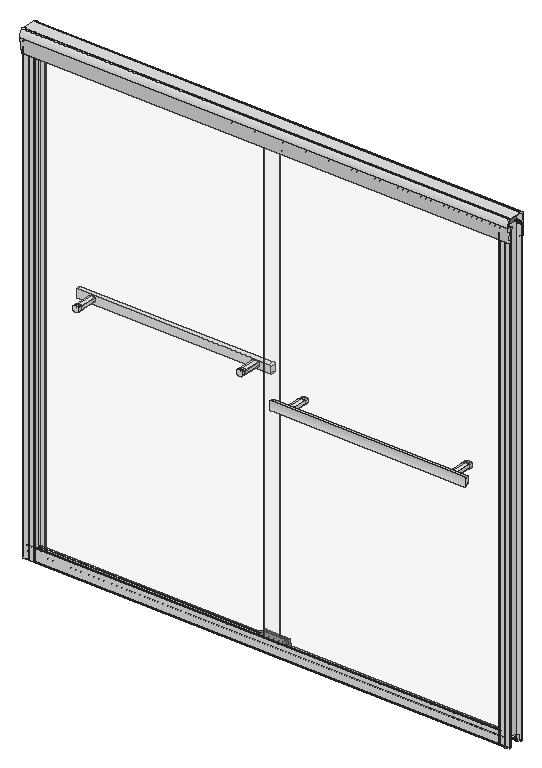
Revit family "Shower-Shower_Door-KOHLER-Gradient-K-709062_1", category Specialty Equipment, host Face, Revit 2021 (continued)
Definition of nested family "K-709062"
  Lines and regions (in)
    symbolic lines, detail levels medium+fine
      curve 41: arc (5.39085, 0, 29.05044) -> (5.3791, 0, 29.03873) -> (5.3748, 0, 29.0227) r 0.032
      curve 42: line (5.3748, 0, 29.0227) -> (5.3748, 0, 28.60914)
      curve 43: arc (5.3748, 0, 28.60914) -> (5.3791, 0, 28.59311) -> (5.39085, 0, 28.5814) r 0.032
      curve 44: arc (5.39085, 0, 28.5814) -> (5.55439, 0, 28.51393) -> (5.7298, 0, 28.49092) r 0.68013
      curve 45: arc (5.7298, 0, 28.49092) -> (5.90521, 0, 28.51393) -> (6.06875, 0, 28.5814) r 0.68013
      curve 46: arc (6.06875, 0, 28.5814) -> (6.0805, 0, 28.59311) -> (6.0848, 0, 28.60914) r 0.032
      curve 47: line (6.0848, 0, 28.60914) -> (6.0848, 0, 29.0227)
      curve 48: arc (6.0848, 0, 29.0227) -> (6.0805, 0, 29.03873) -> (6.06875, 0, 29.05044) r 0.032
      curve 49: arc (6.06875, 0, 29.05044) -> (5.90521, 0, 29.11791) -> (5.7298, 0, 29.14092) r 0.68013
      curve 50: line (29.18217, 0, 1.52572) -> (29.18217, 0, 55.33756)
      curve 51: line (29.1458, 0, 1.52572) -> (29.1458, 0, 55.33756)
      curve 52: line (0.04264, 0, 0.04959) -> (0.04264, 0, 55.33756)
      curve 53: line (58.25178, 0, 0.04961) -> (58.25178, 0, 55.33756)
      curve 54: line (59.59371, 0, 0.04959) -> (59.59371, 0, 55.33756)
      curve 55: line (55.6458, 1.29603, 0.06821) -> (55.6458, 1.29603, 0.44692)
      curve 56: line (55.6458, 1.30153, 0.0569) -> (55.6458, 1.30153, 0.6659)
      curve 57: line (55.6458, 1.2955, 0.55492) -> (55.6458, 1.2955, 0.07006)
      curve 58: line (55.6458, 1.40491, 0.04992) -> (55.6458, 1.40491, 55.33756)
      curve 59: line (55.6458, 1.40491, 0.05096) -> (55.6458, 1.31213, 0.05096)
      curve 60: line (55.6458, 1.29486, 0.07294) -> (55.6458, 1.29486, 0.44692)
      curve 61: arc (55.6458, 1.31213, 0.05096) -> (55.6458, 1.29969, 0.05896) -> (55.6458, 1.29486, 0.07294) r 0.02262
      curve 62: line (55.6458, 1.38976, 57.34452) -> (55.6458, 0.75173, 57.34452)
      curve 63: line (55.6458, 1.10469, 57.44389) -> (55.6458, 1.10469, 57.34452)
      curve 64: line (55.6458, 1.08447, 57.47276) -> (55.6458, 1.08447, 57.34452)
      curve 65: line (55.6458, 1.33469, 57.38423) -> (55.6458, 1.33469, 57.34452)
      curve 66: line (55.6458, 0.88469, 57.3907) -> (55.6458, 0.88469, 57.34452)
      curve 67: line (55.6458, 0.85863, 57.38423) -> (55.6458, 0.85863, 57.34452)
      curve 68: line (55.6458, 0.97988, 57.47276) -> (55.6458, 0.97988, 57.34452)
      curve 69: line (55.6458, 0.96469, 57.44419) -> (55.6458, 0.96469, 57.34452)
      curve 70: line (55.6458, 1.40354, 55.39171) -> (55.6458, 1.40354, 55.33756)
      curve 71: line (55.6458, 1.40354, 55.33756) -> (55.6458, 1.43516, 55.33756)
      curve 72: arc (55.6458, 1.40951, 55.39636) -> (55.6458, 1.40665, 55.39388) -> (55.6458, 1.40354, 55.39171) r 0.03719
      curve 73: line (55.6458, 1.04781, 57.02091) -> (55.6458, 1.04781, 56.9267)
      curve 74: arc (55.6458, 1.09592, 57.02091) -> (55.6458, 1.07187, 57.04497) -> (55.6458, 1.04781, 57.02091) r 0.02405
      curve 75: arc (55.6458, 1.04781, 56.9267) -> (55.6458, 1.12259, 56.87927) -> (55.6458, 1.20957, 56.86269) r 0.2364
      curve 76: line (55.6458, 1.09774, 56.86392) -> (55.6458, 1.421, 56.86037)
      curve 77: line (55.6458, 1.09774, 56.89082) -> (55.6458, 1.09774, 56.86392)
      curve 78: arc (55.6458, 1.25713, 56.91848) -> (55.6458, 1.22908, 56.91642) -> (55.6458, 1.20097, 56.91766) r 0.24041
      curve 79: line (55.6458, 1.33469, 57.04034) -> (55.6458, 1.09774, 57.04034)
      curve 80: line (55.6458, 1.40676, 56.80988) -> (55.6458, 1.40676, 56.86052)
      curve 81: line (55.6458, 1.30534, 56.86164) -> (55.6458, 1.30534, 0.05385)
      curve 82: line (55.6458, 1.36935, 0.05096) -> (55.6458, 1.36935, 56.86093)
      curve 83: line (55.6458, 1.33142, 0.05096) -> (55.6458, 1.33142, 56.86135)
      curve 84: line (55.6458, 1.30534, 56.86164) -> (55.6458, 1.30534, 0.05385)
      curve 85: line (55.6458, 1.30153, 0.6659) -> (55.6458, -0.17622, 0.7175)
      curve 86: arc (55.6458, 1.29486, 0.55492) -> (55.6458, 1.27265, 0.60989) -> (55.6458, 1.21849, 0.634) r 0.07913
      curve 87: line (55.6458, 1.21849, 0.634) -> (55.6458, -0.28855, 0.68663)
      curve 88: line (55.6458, -0.3687, 56.86392) -> (55.6458, -0.3687, 0.04959)
      curve 89: line (55.6458, -0.39556, 0.04959) -> (55.6458, -0.39556, 56.86392)
      curve 90: line (55.6458, -0.45187, 0.04959) -> (55.6458, -0.45187, 56.86392)
      curve 91: line (55.6458, 1.09774, 56.86392) -> (55.6458, -0.5181, 56.86392)
      curve 92: line (55.6458, -0.1117, 56.92262) -> (55.6458, -0.1117, 57.01742)
      curve 93: arc (55.6458, -0.1117, 57.01742) -> (55.6458, -0.13677, 57.04249) -> (55.6458, -0.16184, 57.01742) r 0.02507
      curve 94: arc (55.6458, -0.28888, 56.86392) -> (55.6458, -0.19678, 56.88268) -> (55.6458, -0.1117, 56.92262) r 0.39578
      curve 95: line (55.6458, -0.4, 57.04221) -> (55.6458, -0.16142, 57.04221)
      curve 96: line (55.6458, -0.16142, 56.8963) -> (55.6458, -0.16142, 56.86392)
      curve 97: line (55.6458, -0.46912, 56.68745) -> (55.6458, -0.46912, 56.86392)
      curve 98: line (55.6458, -0.03, 57.44419) -> (55.6458, -0.03, 57.34452)
      curve 99: line (55.6458, -0.04519, 57.47276) -> (55.6458, -0.04519, 57.34452)
      curve 100: line (55.6458, -0.14979, 57.47276) -> (55.6458, -0.14979, 57.34452)
      curve 101: line (55.6458, -0.17, 57.44389) -> (55.6458, -0.17, 57.34452)
      curve 102: line (55.6458, -0.4, 57.38679) -> (55.6458, -0.4, 57.34452)
      curve 103: line (55.6458, 0.05, 57.39065) -> (55.6458, 0.05, 57.34452)
      curve 104: line (55.6458, 0.07605, 57.3907) -> (55.6458, 0.07605, 57.34452)
      curve 105: line (55.6458, 0.1848, 57.34452) -> (55.6458, -0.45232, 57.34452)
      curve 106: line (55.6458, -0.46912, 55.33756) -> (55.6458, -0.46912, 55.39659)
      curve 107: line (55.6458, -0.46912, 29.14092) -> (55.6458, -0.46912, 28.49092)
      curve 108: line (55.6458, -2.07685, 29.20947) -> (55.6458, -2.07694, 28.49092)
      curve 109: line (55.6458, 3.01669, 29.14092) -> (55.6458, 3.01669, 28.49092)
      curve 110: line (55.6458, 3.01669, 29.05044) -> (55.6458, 1.40491, 29.05044)
      curve 111: line (55.6458, 3.01669, 28.60914) -> (55.6458, 1.40491, 28.60914)
      curve 112: arc (55.6458, -0.35961, 1.50094) -> (55.6458, -0.36469, 1.49352) -> (55.6458, -0.3687, 1.48548) r 0.06523
      curve 113: arc (55.6458, -0.21844, 1.22766) -> (55.6458, -0.13212, 1.29491) -> (55.6458, -0.17622, 1.39506) r 0.08902
      curve 114: line (55.6458, -0.17622, 0.75587) -> (55.6458, -0.17622, 0.7175)
      curve 115: line (55.6458, -0.42645, 0.04959) -> (55.6458, -0.3687, 0.04959)
      curve 116: line (55.6458, -2.07693, 28.5814) -> (55.6458, -0.46912, 28.5814)
      curve 117: line (55.6458, -2.07687, 29.05044) -> (55.6458, -0.46912, 29.05044)
      curve 118: circle (55.6458, 0.46, 28.45649) r 0.09351 normal (1, 0, 0)
      curve 119: circle (55.6458, 0.46178, 53.70529) r 0.09436 normal (1, 0, 0)
      curve 120: circle (55.6458, 0.46087, 4.55101) r 0.09377 normal (1, 0, 0)
      curve 121: line (25.3748, 3.01669, 0) -> (26.0848, 3.01669, 0)
      curve 122: line (5.3748, 3.01669, 0) -> (6.0848, 3.01669, 0)
      curve 123: line (55.6458, -2.51404, 29.20947) -> (55.6458, -2.07685, 29.20947)
      curve 124: line (55.6458, -2.50831, 28.45611) -> (55.6458, -2.07694, 28.45611)
      curve 125: line (55.6458, 3.01669, 29.17689) -> (55.6458, 3.43804, 29.17689)
      curve 126: line (55.6458, 3.01669, 28.43052) -> (55.6458, 3.44156, 28.43052)
  Dimensions and locks (in)
    plane 3 "Center (Left/Right)" to plane 6 = 59.62598"
    "Width": plane 6 to plane 3 "Center (Left/Right)"
    locked: plane 6 to plane 7 at 1.40938
    "Walk Thru": plane 7 to plane 8
    locked: plane 8 to plane 3 "Center (Left/Right)" at 30.34259
    plane 9 to plane 10 to plane 6 = 29 1/2" locked, 0.98018" locked
    plane 11 to plane 12 to plane 6 = 20" locked, 5.73018" locked
    locked: plane 6 to plane 13 at 0.36395
    locked: plane 4 to plane 14 at 1.19907
    locked: plane 15 to plane 3 "Center (Left/Right)" at 3.9798
    locked: plane 16 to plane 15 at 23.5
    plane 6 to plane 18 to plane 17 = 3.98018" locked, 23 1/2" locked
    plane 6 to plane 20 to plane 19 = 3.74985" locked, 23.95956" locked
    "Height": plane 4 to level
    plane 25 to plane 24 = 6.02427"
    locked: plane 4 to plane 26 at 1.45283
    locked: plane 4 to plane 28 at 2.72543
    locked: plane 4 to plane 27 at 0.65423
    locked: plane 4 to plane 29 at 2.00993
    plane 32 to plane 31 = 23.96277"
    plane 37 to level = 1.52572"
    aligned and locked: level to plane 2
    aligned and locked: plane 13 to Extrusion 1
    aligned and locked: plane 14 to Extrusion 6
    aligned and locked: plane 14 to Extrusion 7
    aligned and locked: plane 6 to Extrusion 5
    aligned and locked: Extrusion 5 to plane 28  (x2)
    aligned and locked: Extrusion 3 to plane 29
    aligned and locked: Extrusion 4 to plane 29
    aligned and locked: Extrusion 26 to plane 3 "Center (Left/Right)"
    aligned and locked: plane 6 to Extrusion 26
    aligned and locked: Extrusion 27 to plane 3 "Center (Left/Right)"
    aligned and locked: plane 6 to Extrusion 27
    aligned and locked: plane 27 to Extrusion 29
    aligned and locked: plane 23 to Extrusion 29
    aligned and locked: plane 23 to Extrusion 30
    aligned and locked: plane 27 to Extrusion 30
    aligned and locked: plane 13 to Extrusion 28
  Automatic sketch dimensions
    Extrusion 1 sketch curve to Extrusion 1 sketch curve = 0"  (x5)
    level to Extrusion 1 sketch curve = 0.05096"
    plane 1 "Center (Front/Back)" to Extrusion 1 sketch curve = 109/256"
    Extrusion 1 sketch curve to Extrusion 1 sketch curve = 0.03096"
    Extrusion 1 sketch curve to Extrusion 1 sketch curve = 0.00111"
    Extrusion 1 sketch curve to Extrusion 1 sketch curve = 0.00133"
    Extrusion 1 sketch curve to Extrusion 1 sketch curve = 0.0187"
    plane 1 "Center (Front/Back)" to Extrusion 1 sketch curve = 0.32511"
    Extrusion 1 sketch curve to Extrusion 1 sketch curve = 0.04858"
    Extrusion 1 sketch curve to Extrusion 1 sketch curve = 0.04868"
    Extrusion 1 sketch curve to Extrusion 1 sketch curve = 0.01477"
    Extrusion 1 sketch curve to Extrusion 1 sketch curve = 0.06365"
    Extrusion 1 sketch curve to Extrusion 1 sketch curve = 0.01498"
    Extrusion 1 sketch curve to Extrusion 1 sketch curve = 0.00158"
    Extrusion 1 sketch curve to Extrusion 1 sketch curve = 0.0098"
    Extrusion 1 sketch curve to Extrusion 1 sketch curve = 0.04168"
    Extrusion 1 sketch curve to Extrusion 1 sketch curve = 0.03323"
    Extrusion 1 sketch curve to Extrusion 1 sketch curve = 0.03357"
    Extrusion 1 sketch curve to Extrusion 1 sketch curve = 0.00239"
    Extrusion 1 sketch curve to Extrusion 1 sketch curve = 0.00114"
    Extrusion 1 sketch curve to Extrusion 1 sketch curve = 0.00677"
    Extrusion 1 sketch curve to Extrusion 1 sketch curve = 0.00644"
    Extrusion 1 sketch curve to Extrusion 1 sketch curve = 0.00275"
    Extrusion 1 sketch curve to Extrusion 1 sketch curve = 0.01955"
    Extrusion 1 sketch curve to Extrusion 1 sketch curve = 0.02268"
    Extrusion 1 sketch curve to Extrusion 1 sketch curve = 0.01076"  (x2)
    Extrusion 1 sketch curve to Extrusion 1 sketch curve = 0.02479"
    Extrusion 1 sketch curve to Extrusion 1 sketch curve = 0.04819"
    Extrusion 1 sketch curve to Extrusion 1 sketch curve = 0.1116"
    Extrusion 1 sketch curve to Extrusion 1 sketch curve = 0.00295"
    plane 1 "Center (Front/Back)" to Extrusion 1 sketch curve = 0.09874"
    Extrusion 1 sketch curve to plane 1 "Center (Front/Back)" = 1.03957"
    level to Extrusion 1 sketch curve = 0.59521"
    Extrusion 1 sketch curve to Extrusion 1 sketch curve = 0.00055"
    Extrusion 1 sketch curve to Extrusion 1 sketch curve = 0.01087"
    Extrusion 1 sketch curve to Extrusion 1 sketch curve = 0.01113"
    Extrusion 1 sketch curve to Extrusion 1 sketch curve = 0.01442"
    Extrusion 1 sketch curve to Extrusion 1 sketch curve = 0.01188"
    Extrusion 1 sketch curve to Extrusion 1 sketch curve = 0.15086"
    level to Extrusion 1 sketch curve = 0.634"
    Extrusion 1 sketch curve to Extrusion 1 sketch curve = 0.00276"
    Extrusion 1 sketch curve to Extrusion 1 sketch curve = 0.0089"
    level to Extrusion 1 sketch curve = 0.05809"
    Extrusion 1 sketch curve to Extrusion 1 sketch curve = 0.17664"
    level to Extrusion 1 sketch curve = 0.48201"
    Extrusion 1 sketch curve to Extrusion 1 sketch curve = 0.04997"
    Extrusion 1 sketch curve to Extrusion 1 sketch curve = 0.02026"  (x2)
    Extrusion 1 sketch curve to Extrusion 1 sketch curve = 0.01268"
    Extrusion 1 sketch curve to Extrusion 1 sketch curve = 0.00324"
    Extrusion 1 sketch curve to Extrusion 1 sketch curve = 0.0067"
    Extrusion 1 sketch curve to Extrusion 1 sketch curve = 0.0355"
    Extrusion 1 sketch curve to Extrusion 1 sketch curve = 0.00777"
    Extrusion 1 sketch curve to Extrusion 1 sketch curve = 0.01611"
    level to Extrusion 1 sketch curve = 0.01544"
    Extrusion 1 sketch curve to Extrusion 1 sketch curve = 0.00703"
    Extrusion 1 sketch curve to Extrusion 1 sketch curve = 0.00384"
    Extrusion 1 sketch curve to Extrusion 1 sketch curve = 0.04073"
    Extrusion 1 sketch curve to Extrusion 1 sketch curve = 0.02242"
    Extrusion 1 sketch curve to Extrusion 1 sketch curve = 0.21017"
    Extrusion 1 sketch curve to Extrusion 1 sketch curve = 0.02753"
    Extrusion 1 sketch curve to Extrusion 1 sketch curve = 0.00246"
    Extrusion 1 sketch curve to Extrusion 1 sketch curve = 0.0454"
    Extrusion 1 sketch curve to Extrusion 1 sketch curve = 0.03509"
    Extrusion 1 sketch curve to Extrusion 1 sketch curve = 0.03783"
    Extrusion 1 sketch curve to Extrusion 1 sketch curve = 0.06208"
    Extrusion 1 sketch curve to Extrusion 1 sketch curve = 0.01654"
    Extrusion 1 sketch curve to Extrusion 1 sketch curve = 0.01653"
    Extrusion 1 sketch curve to Extrusion 1 sketch curve = 125/256"
    Extrusion 1 sketch curve to Extrusion 1 sketch curve = 0.04693"
    Extrusion 1 sketch curve to Extrusion 1 sketch curve = 0.1318"
    Extrusion 1 sketch curve to Extrusion 1 sketch curve = 0.01774"
    Extrusion 1 sketch curve to Extrusion 1 sketch curve = 0.0042"
    Extrusion 1 sketch curve to Extrusion 1 sketch curve = 0.00373"
    Extrusion 1 sketch curve to Extrusion 1 sketch curve = 0.14668"
    Extrusion 1 sketch curve to Extrusion 1 sketch curve = 0.01179"
    Extrusion 1 sketch curve to Extrusion 1 sketch curve = 0.11071"
    Extrusion 1 sketch curve to Extrusion 1 sketch curve = 0.00759"
    Extrusion 1 sketch curve to Extrusion 1 sketch curve = 0.01574"
    Extrusion 1 sketch curve to Extrusion 1 sketch curve = 0.02541"
    Extrusion 1 sketch curve to Extrusion 1 sketch curve = 0.04793"
    Extrusion 1 sketch curve to Extrusion 1 sketch curve = 0.03147"
    Extrusion 1 sketch curve to Extrusion 1 sketch curve = 0.03213"
    Extrusion 1 sketch curve to Extrusion 1 sketch curve = 0.08902"
    Extrusion 1 sketch curve to Extrusion 1 sketch curve = 0.01855"
    Extrusion 1 sketch curve to Extrusion 1 sketch curve = 0.0321"
    Extrusion 1 sketch curve to Extrusion 1 sketch curve = 0.03426"
    Extrusion 1 sketch curve to Extrusion 1 sketch curve = 0.04124"
    Extrusion 1 sketch curve to Extrusion 1 sketch curve = 0.01819"
    Extrusion 1 sketch curve to Extrusion 1 sketch curve = 0.01512"
    Extrusion 1 sketch curve to Extrusion 1 sketch curve = 0.03667"
    plane 1 "Center (Front/Back)" to Extrusion 2 sketch curve = 0.28857"
    Extrusion 2 sketch curve to Extrusion 2 sketch curve = 1/256"
    Extrusion 2 sketch curve to Extrusion 2 sketch curve = 0.04274"
    Extrusion 2 sketch curve to Extrusion 2 sketch curve = 0.09603"
    Extrusion 2 sketch curve to Extrusion 2 sketch curve = 0.00204"
    Extrusion 2 sketch curve to plane 1 "Center (Front/Back)" = 0.00575"
    Extrusion 2 sketch curve to plane 1 "Center (Front/Back)" = 0.21906"
    Extrusion 2 sketch curve to Extrusion 2 sketch curve = 0.00187"
    Extrusion 2 sketch curve to plane 1 "Center (Front/Back)" = 0.24817"
    Extrusion 2 sketch curve to Extrusion 2 sketch curve = 0.02218"
    Extrusion 2 sketch curve to Extrusion 2 sketch curve = 0.05931"
    Extrusion 2 sketch curve to Extrusion 2 sketch curve = 0.10581"
    Extrusion 2 sketch curve to Extrusion 2 sketch curve = 0.19206"
    Extrusion 2 sketch curve to Extrusion 2 sketch curve = 0.29486"
    Extrusion 2 sketch curve to Extrusion 2 sketch curve = 0.19205"
    Extrusion 2 sketch curve to Extrusion 2 sketch curve = 0.4039"
    Extrusion 2 sketch curve to Extrusion 2 sketch curve = 0.02192"
    Extrusion 2 sketch curve to Extrusion 2 sketch curve = 0.07965"
    Extrusion 2 sketch curve to Extrusion 2 sketch curve = 0.0806"
    Extrusion 2 sketch curve to Extrusion 2 sketch curve = 0.24267"
    Extrusion 2 sketch curve to Extrusion 2 sketch curve = 0.25155"
    Extrusion 2 sketch curve to Extrusion 2 sketch curve = 0.00051"
    Extrusion 2 sketch curve to Extrusion 2 sketch curve = 0.04305"
    Extrusion 2 sketch curve to Extrusion 2 sketch curve = 0.12255"
    Extrusion 2 sketch curve to Extrusion 2 sketch curve = 0.0645"
    Extrusion 2 sketch curve to Extrusion 2 sketch curve = 0.20068"
    Extrusion 2 sketch curve to Extrusion 2 sketch curve = 0.00324"
    level to Extrusion 2 sketch curve = 0.06186"
    Extrusion 2 sketch curve to Extrusion 2 sketch curve = 0.09927"
    Extrusion 2 sketch curve to Extrusion 2 sketch curve = 0.09142"
    Extrusion 2 sketch curve to Extrusion 2 sketch curve = 1.41537"
    level to Extrusion 2 sketch curve = 0.52471"
    Extrusion 2 sketch curve to Extrusion 2 sketch curve = 0"  (x4)
    Extrusion 2 sketch curve to Extrusion 2 sketch curve = 0.47633"
    Extrusion 2 sketch curve to Extrusion 2 sketch curve = 0.16122"
    Extrusion 2 sketch curve to Extrusion 2 sketch curve = 0.17268"
    Extrusion 2 sketch curve to Extrusion 2 sketch curve = 0.086"
    Extrusion 2 sketch curve to Extrusion 2 sketch curve = 0.20167"
    Extrusion 2 sketch curve to Extrusion 2 sketch curve = 0.06289"
    Extrusion 2 sketch curve to Extrusion 2 sketch curve = 0.22381"
    Extrusion 2 sketch curve to Extrusion 2 sketch curve = 0.01709"
    Extrusion 2 sketch curve to Extrusion 2 sketch curve = 0.04154"
    Extrusion 2 sketch curve to Extrusion 2 sketch curve = 0.03486"
    Extrusion 2 sketch curve to Extrusion 2 sketch curve = 0.08061"
    Extrusion 2 sketch curve to Extrusion 2 sketch curve = 0.05929"
    Extrusion 2 sketch curve to Extrusion 2 sketch curve = 0.06493"
    Extrusion 2 sketch curve to Extrusion 2 sketch curve = 0.47512"
    Extrusion 2 sketch curve to Extrusion 2 sketch curve = 0.45718"
    Extrusion 2 sketch curve to Extrusion 2 sketch curve = 0.09277"
    Extrusion 2 sketch curve to Extrusion 2 sketch curve = 0.00039"
    Extrusion 2 sketch curve to Extrusion 2 sketch curve = 0.09316"
    Extrusion 2 sketch curve to Extrusion 2 sketch curve = 0.00038"
    Extrusion 2 sketch curve to Extrusion 2 sketch curve = 0.10933"
    Extrusion 2 sketch curve to Extrusion 2 sketch curve = 0.00229"
    level to Extrusion 2 sketch curve = 1.48788"
    plane 1 "Center (Front/Back)" to Extrusion 2 sketch curve = 0.00999"
    Extrusion 2 sketch curve to plane 1 "Center (Front/Back)" = 0.02149"
    plane 1 "Center (Front/Back)" to Extrusion 3 sketch curve = 0"
    plane 9 to Extrusion 3 sketch curve = 0.03637"  (x2)
    plane 9 to Extrusion 3 sketch curve = 0.2"
    Extrusion 3 sketch curve to plane 1 "Center (Front/Back)" = 0.115"
    Extrusion 3 sketch curve to plane 10 = 0.03637"  (x2)
    Extrusion 3 sketch curve to Extrusion 3 sketch curve = 0.16363"
    plane 3 "Center (Left/Right)" to Extrusion 4 sketch curve = 1.01617"
    Extrusion 4 sketch curve to Extrusion 4 sketch curve = 0"
    Extrusion 4 sketch curve to Extrusion 4 sketch curve = 0.16363"
    Extrusion 4 sketch curve to plane 1 "Center (Front/Back)" = 0.81969"
    Extrusion 4 sketch curve to Extrusion 4 sketch curve = 0.115"
    plane 8 to Extrusion 4 sketch curve = 0.10084"  (x2)
    Extrusion 4 sketch curve to plane 8 = 0.06279"
    Extrusion 5 sketch curve to plane 4 = 3.36554"
    plane 1 "Center (Front/Back)" to Extrusion 5 sketch curve = 9.35949"
    Extrusion 5 sketch curve to Extrusion 5 sketch curve = 2.5937"
    plane 1 "Center (Front/Back)" to Extrusion 5 sketch curve = 0.78846"
    Extrusion 5 sketch curve to Extrusion 5 sketch curve = 0.02882"
    Extrusion 5 sketch curve to Extrusion 5 sketch curve = 0.03829"
    plane 1 "Center (Front/Back)" to Extrusion 5 sketch curve = 0.54931"
    Extrusion 5 sketch curve to Extrusion 5 sketch curve = 0.20325"
    Extrusion 5 sketch curve to Extrusion 5 sketch curve = 0.02497"
    Extrusion 5 sketch curve to Extrusion 5 sketch curve = 0.0792"
    Extrusion 5 sketch curve to Extrusion 5 sketch curve = 0.00166"
    Extrusion 5 sketch curve to Extrusion 5 sketch curve = 0.041"
    Extrusion 5 sketch curve to plane 4 = 0.1665"
    plane 1 "Center (Front/Back)" to Extrusion 5 sketch curve = 0.42387"
    Extrusion 5 sketch curve to Extrusion 5 sketch curve = 0.00692"
    Extrusion 5 sketch curve to Extrusion 5 sketch curve = 0.10592"
    plane 4 to Extrusion 5 sketch curve = 0.07205"
    Extrusion 5 sketch curve to Extrusion 5 sketch curve = 0.12303"
    Extrusion 5 sketch curve to Extrusion 5 sketch curve = 0.00233"
    Extrusion 5 sketch curve to Extrusion 5 sketch curve = 0.02401"
    Extrusion 5 sketch curve to Extrusion 5 sketch curve = 0.1354"
    Extrusion 5 sketch curve to Extrusion 5 sketch curve = 0.02507"
    Extrusion 5 sketch curve to plane 1 "Center (Front/Back)" = 0.73011"
    Extrusion 5 sketch curve to Extrusion 5 sketch curve = 0.23338"
    Extrusion 5 sketch curve to Extrusion 5 sketch curve = 0.08419"
    Extrusion 5 sketch curve to Extrusion 5 sketch curve = 0.02412"
    Extrusion 5 sketch curve to Extrusion 5 sketch curve = 0.11489"
    Extrusion 5 sketch curve to Extrusion 5 sketch curve = 0.01477"
    Extrusion 5 sketch curve to plane 4 = 0.03345"
    Extrusion 5 sketch curve to Extrusion 5 sketch curve = 0.00723"
    Extrusion 5 sketch curve to Extrusion 5 sketch curve = 0.02213"
    Extrusion 5 sketch curve to Extrusion 5 sketch curve = 0.15072"
    Extrusion 5 sketch curve to Extrusion 5 sketch curve = 0.11193"
    Extrusion 5 sketch curve to Extrusion 5 sketch curve = 0.0043"
    Extrusion 5 sketch curve to plane 1 "Center (Front/Back)" = 1.38826"
    Extrusion 5 sketch curve to Extrusion 5 sketch curve = 0.01529"
    Extrusion 5 sketch curve to Extrusion 5 sketch curve = 0.05874"
    Extrusion 5 sketch curve to Extrusion 5 sketch curve = 0.05947"
    Extrusion 5 sketch curve to Extrusion 5 sketch curve = 0.08024"
    Extrusion 5 sketch curve to Extrusion 5 sketch curve = 0.46422"
    Extrusion 5 sketch curve to Extrusion 5 sketch curve = 2.55893"
    Extrusion 5 sketch curve to Extrusion 5 sketch curve = 0"  (x4)
    Extrusion 5 sketch curve to Extrusion 5 sketch curve = 0.05906"
    Extrusion 5 sketch curve to Extrusion 5 sketch curve = 0.02164"
    Extrusion 5 sketch curve to Extrusion 5 sketch curve = 0.08342"
    Extrusion 5 sketch curve to Extrusion 5 sketch curve = 1.20904"
    Extrusion 5 sketch curve to Extrusion 5 sketch curve = 1.16917"
    Extrusion 5 sketch curve to Extrusion 5 sketch curve = 0.17514"
    Extrusion 5 sketch curve to Extrusion 5 sketch curve = 0.06003"
    Extrusion 5 sketch curve to Extrusion 5 sketch curve = 0.0649"
    Extrusion 5 sketch curve to Extrusion 5 sketch curve = 0.02909"
    Extrusion 5 sketch curve to Extrusion 5 sketch curve = 0.09384"
    Extrusion 5 sketch curve to Extrusion 5 sketch curve = 0.09816"
    Extrusion 5 sketch curve to Extrusion 5 sketch curve = 0.03875"
    Extrusion 5 sketch curve to Extrusion 5 sketch curve = 0.06415"
    Extrusion 5 sketch curve to Extrusion 5 sketch curve = 0.05136"
    Extrusion 5 sketch curve to Extrusion 5 sketch curve = 0.14954"
    Extrusion 5 sketch curve to Extrusion 5 sketch curve = 0.05604"
    Extrusion 5 sketch curve to Extrusion 5 sketch curve = 0.06655"
    Extrusion 5 sketch curve to Extrusion 5 sketch curve = 0.06783"
    Extrusion 5 sketch curve to Extrusion 5 sketch curve = 0.10757"
    Extrusion 5 sketch curve to Extrusion 5 sketch curve = 0.01069"
    Extrusion 5 sketch curve to plane 4 = 0.12103"
    Extrusion 5 sketch curve to Extrusion 5 sketch curve = 0.00427"
    Extrusion 5 sketch curve to Extrusion 5 sketch curve = 0.06368"
    plane 4 to Extrusion 5 sketch curve = 0.03151"
    plane 4 to Extrusion 5 sketch curve = 0.09763"
    Extrusion 5 sketch curve to Extrusion 5 sketch curve = 0.07301"
    Extrusion 5 sketch curve to Extrusion 5 sketch curve = 0.07084"
    plane 3 "Center (Left/Right)" to Extrusion 6 sketch curve = 0.00062"  (x2)
    Extrusion 6 sketch curve to Extrusion 6 sketch curve = 0.0262"  (x2)
    Extrusion 6 sketch curve to Extrusion 6 sketch curve = 0.03557"  (x2)
    Extrusion 6 sketch curve to Extrusion 6 sketch curve = 0.04675"  (x2)
    Extrusion 6 sketch curve to Extrusion 6 sketch curve = 0.60642"
    plane 3 "Center (Left/Right)" to Extrusion 6 sketch curve = 0.70548"  (x2)
    plane 3 "Center (Left/Right)" to Extrusion 6 sketch curve = 0.70723"  (x2)
    Extrusion 6 sketch curve to Extrusion 6 sketch curve = 0.04933"
    plane 1 "Center (Front/Back)" to Extrusion 6 sketch curve = 0.41678"
    Extrusion 6 sketch curve to Extrusion 6 sketch curve = 0.60781"  (x2)
    Extrusion 6 sketch curve to Extrusion 6 sketch curve = 0.00068"  (x2)
    Extrusion 6 sketch curve to Extrusion 6 sketch curve = 0.03706"  (x2)
    Extrusion 6 sketch curve to Extrusion 6 sketch curve = 0.00924"  (x2)
    Extrusion 6 sketch curve to Extrusion 6 sketch curve = 0.02616"  (x2)
    Extrusion 6 sketch curve to Extrusion 6 sketch curve = 0.01662"
    plane 1 "Center (Front/Back)" to Extrusion 6 sketch curve = 0.43355"
    Extrusion 6 sketch curve to Extrusion 6 sketch curve = 1.30656"  (x2)
    Extrusion 6 sketch curve to Extrusion 6 sketch curve = 0.01948"  (x2)
    Extrusion 6 sketch curve to Extrusion 6 sketch curve = 0.03753"  (x2)
    Extrusion 6 sketch curve to Extrusion 6 sketch curve = 0.03769"  (x2)
    plane 1 "Center (Front/Back)" to Extrusion 6 sketch curve = 0.39556"
    Extrusion 6 sketch curve to Extrusion 6 sketch curve = 0.00042"  (x2)
    Extrusion 6 sketch curve to plane 1 "Center (Front/Back)" = 1.33124"
    Extrusion 6 sketch curve to Extrusion 6 sketch curve = 0.00011"
    Extrusion 6 sketch curve to Extrusion 6 sketch curve = 0.00031"
    Extrusion 6 sketch curve to Extrusion 6 sketch curve = 0.00144"
    Extrusion 6 sketch curve to Extrusion 6 sketch curve = 0.00569"
    Extrusion 6 sketch curve to Extrusion 6 sketch curve = 12.20206"
    Extrusion 6 sketch curve to Extrusion 6 sketch curve = 0.00645"  (x2)
    Extrusion 6 sketch curve to Extrusion 6 sketch curve = 0"  (x3)
    plane 1 "Center (Front/Back)" to Extrusion 6 sketch curve = 0.40125"
    Extrusion 7 sketch curve to plane 7 = 0"  (x2)
    Extrusion 7 sketch curve to Extrusion 7 sketch curve = 0.02507"  (x2)
    Extrusion 7 sketch curve to Extrusion 7 sketch curve = 0.03335"  (x2)
    Extrusion 7 sketch curve to Extrusion 7 sketch curve = 0.04368"  (x2)
    plane 10 to Extrusion 7 sketch curve = 0.23261"  (x2)
    plane 10 to Extrusion 7 sketch curve = 0.25025"
    plane 10 to Extrusion 7 sketch curve = 0.27796"  (x2)
    Extrusion 7 sketch curve to Extrusion 7 sketch curve = 0.04914"
    Extrusion 7 sketch curve to plane 13 = 0.24255"  (x2)
    Extrusion 7 sketch curve to plane 6 = 0.06856"  (x2)
    Extrusion 7 sketch curve to plane 6 = 0.03065"  (x2)
    Extrusion 7 sketch curve to plane 6 = 0.02588"  (x2)
    Extrusion 7 sketch curve to plane 6 = 0.00081"  (x2)
    plane 1 "Center (Front/Back)" to Extrusion 7 sketch curve = 12.73264"
    Extrusion 7 sketch curve to Extrusion 7 sketch curve = 1.12847"  (x2)
    Extrusion 7 sketch curve to Extrusion 7 sketch curve = 1.36999"  (x2)
    plane 1 "Center (Front/Back)" to Extrusion 7 sketch curve = 0.43859"
    plane 1 "Center (Front/Back)" to Extrusion 7 sketch curve = 0.43519"
    plane 1 "Center (Front/Back)" to Extrusion 7 sketch curve = 0.40193"
    Extrusion 7 sketch curve to Extrusion 7 sketch curve = 0.00019"  (x2)
    Extrusion 7 sketch curve to Extrusion 7 sketch curve = 0.03662"
    Extrusion 7 sketch curve to Extrusion 7 sketch curve = 0.0401"
    Extrusion 7 sketch curve to Extrusion 7 sketch curve = 0.04123"
    Extrusion 7 sketch curve to Extrusion 7 sketch curve = 0.00454"  (x2)
    Extrusion 7 sketch curve to plane 1 "Center (Front/Back)" = 1 85/256"  (x2)
    Extrusion 7 sketch curve to Extrusion 7 sketch curve = 0.00461"
    Extrusion 7 sketch curve to Extrusion 7 sketch curve = 0.00318"
    Extrusion 7 sketch curve to Extrusion 7 sketch curve = 0.0386"
    Extrusion 7 sketch curve to Extrusion 7 sketch curve = 0.04463"
    Extrusion 7 sketch curve to Extrusion 7 sketch curve = 9.76579"
    Extrusion 7 sketch curve to Extrusion 7 sketch curve = 0"  (x6)
    plane 1 "Center (Front/Back)" to Extrusion 8 sketch curve = 0.45232"
    plane 1 "Center (Front/Back)" to Extrusion 8 sketch curve = 0.35735"
    plane 1 "Center (Front/Back)" to Extrusion 8 sketch curve = 0.16142"
    plane 14 to Extrusion 8 sketch curve = 0.17642"
    Extrusion 8 sketch curve to plane 1 "Center (Front/Back)" = 1.09774"
    Extrusion 8 sketch curve to plane 14 = 0.0023"
    Extrusion 8 sketch curve to Extrusion 8 sketch curve = 0.19443"
    Extrusion 8 sketch curve to Extrusion 8 sketch curve = 0.0976"
    Extrusion 8 sketch curve to Extrusion 8 sketch curve = 1.024"
    Extrusion 8 sketch curve to plane 14 = 0.00132"
    plane 14 to Extrusion 8 sketch curve = 0.17829"
    Extrusion 8 sketch curve to Extrusion 8 sketch curve = 0.30418"
    plane 1 "Center (Front/Back)" to Extrusion 9 sketch curve = 0.45232"
    plane 1 "Center (Front/Back)" to Extrusion 9 sketch curve = 0.35735"
    plane 1 "Center (Front/Back)" to Extrusion 9 sketch curve = 0.16142"
    plane 14 to Extrusion 9 sketch curve = 0.17642"
    Extrusion 9 sketch curve to plane 1 "Center (Front/Back)" = 1.09774"
    Extrusion 9 sketch curve to plane 14 = 0.0023"
    Extrusion 9 sketch curve to Extrusion 9 sketch curve = 0.19443"
    Extrusion 9 sketch curve to Extrusion 9 sketch curve = 0.0976"
    Extrusion 9 sketch curve to Extrusion 9 sketch curve = 1.024"
    Extrusion 9 sketch curve to plane 14 = 0.00132"
    plane 14 to Extrusion 9 sketch curve = 0.17829"
    Extrusion 9 sketch curve to Extrusion 9 sketch curve = 0.30418"
    Extrusion 10 sketch curve to plane 1 "Center (Front/Back)" = 0.83469"
    Extrusion 10 sketch curve to plane 1 "Center (Front/Back)" = 1.01469"
    Extrusion 10 sketch curve to Extrusion 10 sketch curve = 0"  (x3)
    Extrusion 10 sketch curve to plane 14 = 0.10105"
    Extrusion 10 sketch curve to plane 1 "Center (Front/Back)" = 0.96469"
    Extrusion 10 sketch curve to plane 1 "Center (Front/Back)" = 0.92469"
    Extrusion 10 sketch curve to plane 4 = 0.52024"
    Extrusion 10 sketch curve to Extrusion 10 sketch curve = 1/16"  (x2)
    Extrusion 10 sketch curve to Extrusion 10 sketch curve = 0.14"  (x2)
    Extrusion 10 sketch curve to Extrusion 10 sketch curve = 1.05025"
    Extrusion 10 sketch curve to Extrusion 10 sketch curve = 0.02225"  (x2)
    Extrusion 10 sketch curve to Extrusion 10 sketch curve = 0.005"  (x2)
    Extrusion 10 sketch curve to Extrusion 10 sketch curve = 0.04973"
    Extrusion 10 sketch curve to Extrusion 10 sketch curve = 0.023"  (x2)
    Extrusion 10 sketch curve to Extrusion 10 sketch curve = 0.00864"
    Extrusion 11 sketch curve to plane 14 = 1.35342"
    Extrusion 11 sketch curve to Extrusion 11 sketch curve = 0"  (x4)
    Extrusion 11 sketch curve to Extrusion 11 sketch curve = 0.02225"  (x2)
    Extrusion 11 sketch curve to plane 14 = 0.30317"  (x2)
    Extrusion 11 sketch curve to Extrusion 11 sketch curve = 0.005"  (x2)
    Extrusion 11 sketch curve to Extrusion 11 sketch curve = 0.085"
    Extrusion 11 sketch curve to plane 14 = 0.10105"
    Extrusion 11 sketch curve to plane 4 = 0.52024"
    Extrusion 11 sketch curve to plane 1 "Center (Front/Back)" = 1.15469"
    Extrusion 11 sketch curve to Extrusion 11 sketch curve = 0.023"
    Extrusion 11 sketch curve to Extrusion 11 sketch curve = 0.0125"
    Extrusion 11 sketch curve to Extrusion 11 sketch curve = 1/16"  (x2)
    Extrusion 11 sketch curve to Extrusion 11 sketch curve = 0.04"
    Extrusion 11 sketch curve to Extrusion 11 sketch curve = 0.18"
    Extrusion 11 sketch curve to Extrusion 11 sketch curve = 0.032"
    plane 1 "Center (Front/Back)" to Extrusion 12 sketch curve = 0.08"
    Extrusion 12 sketch curve to plane 1 "Center (Front/Back)" = 0.1"
    Extrusion 12 sketch curve to Extrusion 12 sketch curve = 0"  (x3)
    Extrusion 12 sketch curve to plane 14 = 0.10105"
    Extrusion 12 sketch curve to plane 1 "Center (Front/Back)" = 0.05"
    Extrusion 12 sketch curve to plane 1 "Center (Front/Back)" = 0.01"
    Extrusion 12 sketch curve to plane 4 = 0.52024"
    Extrusion 12 sketch curve to Extrusion 12 sketch curve = 1/16"  (x2)
    Extrusion 12 sketch curve to Extrusion 12 sketch curve = 0.14"  (x2)
    Extrusion 12 sketch curve to Extrusion 12 sketch curve = 1.05025"
    Extrusion 12 sketch curve to Extrusion 12 sketch curve = 0.02225"  (x2)
    Extrusion 12 sketch curve to Extrusion 12 sketch curve = 0.005"  (x2)
    Extrusion 12 sketch curve to Extrusion 12 sketch curve = 0.04973"
    Extrusion 12 sketch curve to Extrusion 12 sketch curve = 0.023"  (x2)
    Extrusion 12 sketch curve to Extrusion 12 sketch curve = 0.00864"
    plane 1 "Center (Front/Back)" to Extrusion 13 sketch curve = 0.22"
    Extrusion 13 sketch curve to plane 14 = 1.35342"
    Extrusion 13 sketch curve to Extrusion 13 sketch curve = 0"  (x3)
    Extrusion 13 sketch curve to Extrusion 13 sketch curve = 0.02225"  (x2)
    plane 1 "Center (Front/Back)" to Extrusion 13 sketch curve = 0.08"  (x2)
    Extrusion 13 sketch curve to plane 14 = 0.30317"
    Extrusion 13 sketch curve to plane 1 "Center (Front/Back)" = 0.1"
    Extrusion 13 sketch curve to Extrusion 13 sketch curve = 0.005"  (x2)
    Extrusion 13 sketch curve to Extrusion 13 sketch curve = 0.085"
    Extrusion 13 sketch curve to plane 1 "Center (Front/Back)" = 0.05"
    Extrusion 13 sketch curve to plane 14 = 0.10105"  (x2)
    plane 1 "Center (Front/Back)" to Extrusion 13 sketch curve = 0.03"
    Extrusion 13 sketch curve to plane 4 = 0.52024"
    Extrusion 13 sketch curve to Extrusion 13 sketch curve = 1/16"  (x2)
    Extrusion 13 sketch curve to Extrusion 13 sketch curve = 0.032"
    plane 14 to Revolve 14 sketch curve = 0.52287"
    Revolve 14 sketch curve to Revolve 14 sketch curve = 0.07443"
    Revolve 14 sketch curve to Revolve 14 sketch curve = 0.07091"
    Revolve 14 sketch curve to Revolve 14 sketch curve = 0.07149"
    Revolve 14 sketch curve to Revolve 14 sketch curve = 0.07178"
    Revolve 14 sketch curve to Revolve 14 sketch curve = 0.02858"
    Revolve 14 sketch curve to Revolve 14 sketch curve = 0.0841"
    Revolve 14 sketch curve to Revolve 14 sketch curve = 0.0649"
    Revolve 14 sketch curve to plane 1 "Center (Front/Back)" = 1.33469"
    Revolve 14 sketch curve to Revolve 14 sketch curve = 0.10584"
    Revolve 14 sketch curve to Revolve 14 sketch curve = 0.02021"
    Revolve 14 sketch curve to Revolve 14 sketch curve = 0.10459"
    Revolve 14 sketch curve to Revolve 14 sketch curve = 0.01519"
    Revolve 14 sketch curve to Revolve 14 sketch curve = 0.07173"
    Revolve 14 sketch curve to Revolve 14 sketch curve = 0.03432"
    Revolve 14 sketch curve to Revolve 14 sketch curve = 0"
    Revolve 14 sketch curve to Revolve 14 sketch curve = 0.06223"
    Revolve 14 sketch curve to Revolve 14 sketch curve = 0.02658"  (x2)
    Revolve 14 sketch curve to Revolve 14 sketch curve = 0.0142"
    Revolve 14 sketch curve to Revolve 14 sketch curve = 0.06229"
    plane 14 to Revolve 15 sketch curve = 0.43406"
    Revolve 15 sketch curve to Revolve 15 sketch curve = 0.06223"
    Revolve 15 sketch curve to Revolve 15 sketch curve = 0.07443"
    Revolve 15 sketch curve to Revolve 15 sketch curve = 0.02658"  (x2)
    Revolve 15 sketch curve to Revolve 15 sketch curve = 0.07091"
    Revolve 15 sketch curve to Revolve 15 sketch curve = 0.07149"
    Revolve 15 sketch curve to Revolve 15 sketch curve = 0.07178"
    Revolve 15 sketch curve to Revolve 15 sketch curve = 0.02858"
    Revolve 15 sketch curve to Revolve 15 sketch curve = 0.0841"
    Revolve 15 sketch curve to Revolve 15 sketch curve = 0.0649"
    Revolve 15 sketch curve to plane 1 "Center (Front/Back)" = 1.36127"
    Revolve 15 sketch curve to Revolve 15 sketch curve = 0.10584"
    Revolve 15 sketch curve to Revolve 15 sketch curve = 0.02021"
    Revolve 15 sketch curve to Revolve 15 sketch curve = 0.10459"
    Revolve 15 sketch curve to Revolve 15 sketch curve = 0.01519"
    Revolve 15 sketch curve to Revolve 15 sketch curve = 0.07173"
    Revolve 15 sketch curve to Revolve 15 sketch curve = 0.03432"
    Revolve 15 sketch curve to Revolve 15 sketch curve = 0"  (x2)
    Revolve 15 sketch curve to Revolve 15 sketch curve = 0.27514"
    Revolve 16 sketch curve to plane 1 "Center (Front/Back)" = 0.04173"
    plane 14 to Revolve 16 sketch curve = 0.43406"
    Revolve 16 sketch curve to Revolve 16 sketch curve = 0.06223"
    plane 1 "Center (Front/Back)" to Revolve 16 sketch curve = 0.03"
    Revolve 16 sketch curve to Revolve 16 sketch curve = 0.07443"
    Revolve 16 sketch curve to Revolve 16 sketch curve = 0.02658"  (x2)
    Revolve 16 sketch curve to Revolve 16 sketch curve = 0.07091"
    plane 1 "Center (Front/Back)" to Revolve 16 sketch curve = 0.17"
    Revolve 16 sketch curve to Revolve 16 sketch curve = 0.07149"
    Revolve 16 sketch curve to Revolve 16 sketch curve = 0.07178"
    Revolve 16 sketch curve to Revolve 16 sketch curve = 0.02858"
    Revolve 16 sketch curve to Revolve 16 sketch curve = 0.0841"
    Revolve 16 sketch curve to Revolve 16 sketch curve = 0.0649"
    Revolve 16 sketch curve to plane 1 "Center (Front/Back)" = 0.07605"
    Revolve 16 sketch curve to Revolve 16 sketch curve = 0.01519"
    Revolve 16 sketch curve to Revolve 16 sketch curve = 0.02021"
    Revolve 16 sketch curve to Revolve 16 sketch curve = 0.12416"
    Revolve 16 sketch curve to Revolve 16 sketch curve = 0"  (x2)
    Revolve 16 sketch curve to Revolve 16 sketch curve = 0.27537"
    Revolve 17 sketch curve to plane 1 "Center (Front/Back)" = 0.04173"
    plane 14 to Revolve 17 sketch curve = 0.43406"
    Revolve 17 sketch curve to Revolve 17 sketch curve = 0.06223"
    plane 1 "Center (Front/Back)" to Revolve 17 sketch curve = 0.03"
    Revolve 17 sketch curve to Revolve 17 sketch curve = 0.07443"
    Revolve 17 sketch curve to Revolve 17 sketch curve = 0.02658"  (x2)
    Revolve 17 sketch curve to Revolve 17 sketch curve = 0.07091"
    plane 1 "Center (Front/Back)" to Revolve 17 sketch curve = 0.17"
    Revolve 17 sketch curve to Revolve 17 sketch curve = 0.07149"
    Revolve 17 sketch curve to Revolve 17 sketch curve = 0.07178"
    Revolve 17 sketch curve to Revolve 17 sketch curve = 0.02858"
    Revolve 17 sketch curve to Revolve 17 sketch curve = 0.0841"
    Revolve 17 sketch curve to Revolve 17 sketch curve = 0.0649"
    Revolve 17 sketch curve to plane 1 "Center (Front/Back)" = 0.07605"
    Revolve 17 sketch curve to Revolve 17 sketch curve = 0.01519"
    Revolve 17 sketch curve to Revolve 17 sketch curve = 0.02021"
    Revolve 17 sketch curve to Revolve 17 sketch curve = 0.12416"
    Revolve 17 sketch curve to Revolve 17 sketch curve = 0"  (x2)
    Revolve 17 sketch curve to Revolve 17 sketch curve = 0.27537"
    Blend 18 sketch curve to plane 17 = 0.23695"
    Blend 18 sketch curve to plane 17 = 0.0401"  (x4)
    plane 18 to Blend 18 sketch curve = 0.0401"  (x2)
    plane 18 to Blend 18 sketch curve = 0.07267"  (x2)
    Blend 18 sketch curve to Blend 18 sketch curve = 0.19685"
    plane 5 to Blend 18 sketch curve = 0.55665"
    Blend 18 sketch curve to plane 5 = 0.36097"  (x2)
    Extrusion 19 sketch curve to Extrusion 19 sketch curve = 0"  (x10)
    Extrusion 19 sketch curve to plane 11 = 0"  (x2)
    Extrusion 19 sketch curve to plane 11 = 0.323"  (x2)
    Extrusion 19 sketch curve to Extrusion 19 sketch curve = 0.032"  (x5)
    plane 11 to Extrusion 19 sketch curve = 0.323"  (x2)
    plane 5 to Extrusion 19 sketch curve = 0.35513"  (x2)
    plane 5 to Extrusion 19 sketch curve = 0.20678"  (x4)
    Extrusion 19 sketch curve to plane 5 = 0.20678"  (x4)
    Extrusion 19 sketch curve to plane 5 = 0.35513"
    Extrusion 19 sketch curve to plane 12 = 0"  (x2)
    Extrusion 19 sketch curve to plane 12 = 0.355"
    plane 12 to Extrusion 19 sketch curve = 0.323"  (x2)
    Extrusion 19 sketch curve to plane 5 = 0.35512"
    Blend 20 sketch curve to plane 15 = 0.23695"
    Blend 20 sketch curve to plane 15 = 0.06569"  (x2)
    Blend 20 sketch curve to plane 15 = 0.0401"  (x2)
    plane 16 to Blend 20 sketch curve = 0.04002"  (x2)
    plane 16 to Blend 20 sketch curve = 0.0676"  (x2)
    Blend 20 sketch curve to Blend 20 sketch curve = 0.19685"
    plane 5 to Blend 20 sketch curve = 0.55665"
    Blend 20 sketch curve to plane 5 = 0.36097"  (x2)
    Blend 20 sketch curve to plane 15 = 0.15821"
    Blend 20 sketch curve to Blend 20 sketch curve = 0.09053"
    plane 5 to Blend 20 sketch curve = 0.47791"
    Blend 18 sketch curve to plane 17 = 0.15821"
    Blend 18 sketch curve to Blend 18 sketch curve = 0.11811"
    plane 5 to Blend 18 sketch curve = 0.47791"
    Extrusion 21 sketch curve to Extrusion 21 sketch curve = 0"  (x12)
    plane 5 to Extrusion 21 sketch curve = 0.20678"  (x4)
    plane 15 to Extrusion 21 sketch curve = 1.395"
    Extrusion 21 sketch curve to Extrusion 21 sketch curve = 0.032"  (x6)
    Extrusion 21 sketch curve to Extrusion 21 sketch curve = 0.323"  (x6)
    plane 5 to Extrusion 21 sketch curve = 0.35512"  (x2)
    Extrusion 21 sketch curve to plane 5 = 0.20678"  (x4)
    Extrusion 21 sketch curve to plane 5 = 0.35513"  (x2)
    Extrusion 21 sketch curve to plane 16 = 2.105"
    Extrusion 23 sketch curve to plane 1 "Center (Front/Back)" = 0.115"
    plane 1 "Center (Front/Back)" to Extrusion 23 sketch curve = 0.115"
    plane 5 to Extrusion 23 sketch curve = 0.66389"
    Extrusion 23 sketch curve to Extrusion 23 sketch curve = 2.45978"
    plane 5 to Extrusion 23 sketch curve = 0.00112"
    Extrusion 23 sketch curve to Extrusion 23 sketch curve = 2.30311"
    plane 5 to Extrusion 23 sketch curve = 0.49074"
    Extrusion 23 sketch curve to plane 5 = 0.41587"
    Extrusion 22 sketch curve to plane 5 = 0.40271"
    Extrusion 22 sketch curve to plane 1 "Center (Front/Back)" = 0.81969"
    Extrusion 22 sketch curve to Extrusion 22 sketch curve = 0.23"
    Extrusion 22 sketch curve to plane 5 = 0.64076"
    Extrusion 22 sketch curve to Extrusion 22 sketch curve = 2.44982"
    plane 5 to Extrusion 22 sketch curve = 0.00112"
    Extrusion 22 sketch curve to Extrusion 22 sketch curve = 2.25205"
    plane 5 to Extrusion 22 sketch curve = 0.64447"
    Extrusion 24 sketch curve to plane 5 = 0"  (x2)
    Extrusion 24 sketch curve to plane 11 = 0"
    Extrusion 24 sketch curve to plane 12 = 0"
    Extrusion 25 sketch curve to plane 5 = 0"  (x2)
    Extrusion 25 sketch curve to plane 21 = 0"
    Extrusion 25 sketch curve to plane 22 = 0"
    Masking region 1 sketch curve to plane 23 = 0"
    Masking region 1 sketch curve to plane 13 = 0"
    Masking region 1 sketch curve to plane 6 = 0"
    plane 3 "Center (Left/Right)" to Masking region 1 sketch curve = 0.3608"
    plane 3 "Center (Left/Right)" to Masking region 1 sketch curve = 0.00062"
    Masking region 1 sketch curve to plane 23 = 0.00073"
    Masking region 1 sketch curve to plane 4 = 0.00219"
    level to Masking region 1 sketch curve = 0.00004"
    Masking region 2 sketch curve to plane 19 = 0"
    Masking region 2 sketch curve to plane 24 = 0"
    Masking region 2 sketch curve to plane 20 = 0"
    Masking region 2 sketch curve to plane 6 = 0"
    Masking region 2 sketch curve to plane 25 = 0.03524"
    plane 16 to Masking region 2 sketch curve = 0.22923"
    plane 16 to Masking region 2 sketch curve = 0.15789"
    Masking region 2 sketch curve to plane 25 = 0.00082"
    plane 16 to Masking region 2 sketch curve = 0.06929"
    plane 22 to Masking region 2 sketch curve = 0.355"
    Masking region 2 sketch curve to plane 22 = 0.355"
    plane 21 to Masking region 2 sketch curve = 0.355"
    Masking region 2 sketch curve to plane 21 = 0.355"
    Masking region 2 sketch curve to plane 15 = 0.06569"
    Masking region 2 sketch curve to plane 15 = 0.15821"
    plane 3 "Center (Left/Right)" to Masking region 2 sketch curve = 0.00062"
    plane 19 to Masking region 2 sketch curve = 0.07102"
    Masking region 2 sketch curve to plane 17 = 0.04117"
    Masking region 2 sketch curve to plane 11 = 0.355"
    plane 11 to Masking region 2 sketch curve = 0.355"
    Masking region 2 sketch curve to plane 12 = 0.355"
    plane 12 to Masking region 2 sketch curve = 0.355"
    plane 18 to Masking region 2 sketch curve = 0.0786"
    Masking region 2 sketch curve to plane 20 = 0.07213"
    plane 24 to Masking region 2 sketch curve = 0.47019"  (x3)
    plane 1 "Center (Front/Back)" to Masking region 2 sketch curve = 0.8593"
    Masking region 2 sketch curve to Masking region 2 sketch curve = 0"  (x5)
    Masking region 2 sketch curve to plane 1 "Center (Front/Back)" = 1.48378"  (x2)
    Masking region 2 sketch curve to plane 25 = 0.46045"  (x2)
    Masking region 2 sketch curve to Masking region 2 sketch curve = 0.42521"
    Masking region 2 sketch curve to plane 19 = 0.00012"
    Masking region 2 sketch curve to plane 19 = 0.00025"
    Masking region 2 sketch curve to Masking region 2 sketch curve = 0.00013"
    Masking region 2 sketch curve to Masking region 2 sketch curve = 0.00474"
    Masking region 2 sketch curve to Masking region 2 sketch curve = 0.00298"
    Masking region 2 sketch curve to plane 25 = 0.03525"
    Masking region 2 sketch curve to Masking region 2 sketch curve = 0.16661"
    Masking region 2 sketch curve to Masking region 2 sketch curve = 0.00006"
    Masking region 2 sketch curve to plane 25 = 0.03529"
    Masking region 2 sketch curve to Masking region 2 sketch curve = 0.00021"
    Masking region 2 sketch curve to Masking region 2 sketch curve = 0.00438"
    Masking region 2 sketch curve to Masking region 2 sketch curve = 0.0088"
    Masking region 2 sketch curve to plane 20 = 0.00023"
    Masking region 2 sketch curve to plane 20 = 0.0001"
    plane 24 to Masking region 2 sketch curve = 0.02974"
    plane 24 to Masking region 2 sketch curve = 0.03161"
    curve 30 to curve 39 = 0"
    curve 34 to curve 35 = 0"
    curve 40 to curve 49 = 0"
    curve 44 to curve 45 = 0"
    curve 16 to plane 28 = 0"
    curve 52 to plane 23 = 0"
    curve 49 to plane 21 = 0"
    curve 45 to plane 21 = 0"
    curve 39 to plane 22 = 0"
    curve 35 to plane 22 = 0"
    curve 51 to plane 9 = 0"
    curve 20 to plane 7 = 0"
    curve 19 to plane 13 = 0"
    curve 54 to plane 23 = 0"
    curve 16 to plane 6 = 0"
    curve 15 to plane 6 = 0"
    curve 17 to plane 6 = 0"
    curve 20 to plane 23 = 0"
    curve 41 to plane 21 = 0.323"
    curve 43 to plane 21 = 0.323"
    curve 42 to curve 43 = 0.032"
    plane 21 to curve 46 = 0.323"
    plane 21 to curve 48 = 0.323"
    curve 46 to curve 47 = 0.032"
    curve 32 to plane 22 = 0.355"
    curve 32 to curve 33 = 0.032"
    curve 31 to curve 31 = 0.032"
    plane 22 to curve 36 = 0.323"
    plane 22 to curve 38 = 0.323"
    curve 36 to curve 37 = 0.032"
    curve 23 to plane 17 = 0.04879"
    curve 27 to plane 17 = 0.04813"
    plane 18 to curve 27 = 0.04884"
    plane 18 to curve 23 = 0.07942"
    plane 5 to curve 27 = 0.55536"
    plane 5 to curve 39 = 0.35512"
    plane 5 to curve 49 = 0.35512"
    plane 5 to curve 43 = 0.20678"
    plane 5 to curve 37 = 0.20678"
    plane 5 to curve 46 = 0.20678"
    plane 5 to curve 32 = 0.20678"
    curve 48 to plane 5 = 0.20678"
    curve 42 to plane 5 = 0.20678"
    curve 31 to plane 5 = 0.20678"
    curve 37 to plane 5 = 0.20678"
    curve 35 to plane 5 = 0.35513"
    curve 44 to plane 5 = 0.35513"
    curve 23 to plane 5 = 0.55667"
    curve 44 to curve 43 = 0"
    curve 40 to curve 41 = 0"
    plane 3 "Center (Left/Right)" to curve 18 = 1.4096"
    curve 19 to plane 23 = 0"
    plane 3 "Center (Left/Right)" to curve 19 = 0.3608"
    plane 3 "Center (Left/Right)" to curve 52 = 0.04264"
    plane 3 "Center (Left/Right)" to curve 15 = 0.00062"
    plane 3 "Center (Left/Right)" to curve 16 = 0.00062"
    plane 3 "Center (Left/Right)" to curve 17 = 0.00062"
    curve 34 to curve 33 = 0"
    curve 30 to curve 31 = 0"
    plane 9 to curve 50 = 0.03637"
    plane 5 to curve 28 = 0.00112"
    curve 28 to plane 19 = 0.38066"
    curve 28 to plane 19 = 0.00012"
    curve 29 to plane 19 = 0.00009"
    curve 29 to plane 19 = 0.00004"
    plane 19 to curve 22 = 0.00558"
    curve 22 to plane 17 = 0.03682"
    curve 29 to plane 17 = 0.03669"
    plane 18 to curve 26 = 0.03688"
    plane 18 to curve 24 = 0.06982"
    curve 26 to plane 20 = 0.00684"
    curve 26 to plane 20 = 0.00105"
    curve 25 to plane 20 = 0.0001"
    curve 24 to plane 20 = 0.00005"
    plane 5 to curve 25 = 0.00112"
    plane 20 to curve 25 = 0.37957"
    curve 20 to curve 53 = 0.03518"
    curve 54 to plane 6 = 0.03228"
    curve 18 to curve 21 = 1.47612"
    curve 28 to curve 27 = 1.81073"
    curve 26 to curve 26 = 0.14229"
    curve 27 to curve 29 = 0.18714"
    curve 25 to curve 24 = 0.16122"
    curve 51 to plane 28 = 0"
    plane 14 to curve 15 = 0.23681"
    curve 17 to plane 4 = 0.07359"
    Extrusion 26 sketch curve to level = 0.04436"
    Extrusion 26 sketch curve to plane 23 = 0.6163"
    plane 1 "Center (Front/Back)" to Extrusion 26 sketch curve = 0.17622"
    Extrusion 26 sketch curve to plane 23 = 0.66791"
    Extrusion 26 sketch curve to Extrusion 26 sketch curve = 0.74263"
    Extrusion 26 sketch curve to plane 1 "Center (Front/Back)" = 1.30153"
    Extrusion 26 sketch curve to Extrusion 26 sketch curve = 0.09624"
    Masking region 3 sketch curve to Masking region 3 sketch curve = 0"  (x13)
    plane 23 to Masking region 3 sketch curve = 0"  (x2)
    Masking region 3 sketch curve to plane 25 = 0"
    Masking region 3 sketch curve to plane 28 = 0"  (x2)
    plane 23 to Masking region 3 sketch curve = 0.01474"
    level to Masking region 3 sketch curve = 0.01544"
    Masking region 3 sketch curve to plane 23 = 0.0085"
    Masking region 3 sketch curve to Masking region 3 sketch curve = 0.00703"
    Masking region 3 sketch curve to plane 23 = 0.01755"
    Masking region 3 sketch curve to Masking region 3 sketch curve = 0.04073"
    Masking region 3 sketch curve to Masking region 3 sketch curve = 0.02242"
    Masking region 3 sketch curve to Masking region 3 sketch curve = 0.31991"
    Masking region 3 sketch curve to Masking region 3 sketch curve = 0.02753"
    Masking region 3 sketch curve to Masking region 3 sketch curve = 0.00246"
    Masking region 3 sketch curve to Masking region 3 sketch curve = 0.01787"
    Masking region 3 sketch curve to Masking region 3 sketch curve = 0.01538"
    Masking region 3 sketch curve to Masking region 3 sketch curve = 0.03619"  (x2)
    Masking region 3 sketch curve to Masking region 3 sketch curve = 0.05112"
    Masking region 3 sketch curve to Masking region 3 sketch curve = 0.01654"
    Masking region 3 sketch curve to Masking region 3 sketch curve = 0.02901"
    Masking region 3 sketch curve to Masking region 3 sketch curve = 0.01653"
    Masking region 3 sketch curve to Masking region 3 sketch curve = 125/256"
    Masking region 3 sketch curve to Masking region 3 sketch curve = 0.04693"
    Masking region 3 sketch curve to Masking region 3 sketch curve = 0.01453"
    Masking region 3 sketch curve to Masking region 3 sketch curve = 0.04048"
    Masking region 3 sketch curve to Masking region 3 sketch curve = 0.01295"
    plane 1 "Center (Front/Back)" to Masking region 3 sketch curve = 0.28466"
    Masking region 3 sketch curve to Masking region 3 sketch curve = 0.06289"
    plane 1 "Center (Front/Back)" to Masking region 3 sketch curve = 0.24671"
    Masking region 3 sketch curve to Masking region 3 sketch curve = 0.0139"
    Masking region 3 sketch curve to Masking region 3 sketch curve = 0.01076"  (x2)
    Masking region 3 sketch curve to Masking region 3 sketch curve = 0.01774"
    plane 1 "Center (Front/Back)" to Masking region 3 sketch curve = 0.26865"
    Masking region 3 sketch curve to Masking region 3 sketch curve = 0.0042"
    Masking region 3 sketch curve to Masking region 3 sketch curve = 0.00373"
    Masking region 3 sketch curve to Masking region 3 sketch curve = 0.14668"
    Masking region 3 sketch curve to Masking region 3 sketch curve = 0.01179"
    Masking region 3 sketch curve to Masking region 3 sketch curve = 0.11071"
    Masking region 3 sketch curve to Masking region 3 sketch curve = 0.0442"
    Masking region 3 sketch curve to Masking region 3 sketch curve = 0.00759"
    Masking region 3 sketch curve to Masking region 3 sketch curve = 0.01574"
    Masking region 3 sketch curve to Masking region 3 sketch curve = 0.03355"
    Masking region 3 sketch curve to Masking region 3 sketch curve = 0.04793"
    Masking region 3 sketch curve to Masking region 3 sketch curve = 0.03147"
    Masking region 3 sketch curve to Masking region 3 sketch curve = 0.01065"  (x2)
    Masking region 3 sketch curve to Masking region 3 sketch curve = 0.03213"
    Masking region 3 sketch curve to Masking region 3 sketch curve = 0.08902"
    Masking region 3 sketch curve to Masking region 3 sketch curve = 0.07047"
    Masking region 3 sketch curve to Masking region 3 sketch curve = 0.07838"
    plane 1 "Center (Front/Back)" to Masking region 3 sketch curve = 0.31002"
    Masking region 3 sketch curve to Masking region 3 sketch curve = 0.0321"
    Masking region 3 sketch curve to Masking region 3 sketch curve = 0.03426"
    Masking region 3 sketch curve to Masking region 3 sketch curve = 0.02017"
    Masking region 3 sketch curve to Masking region 3 sketch curve = 0.00036"
    Masking region 3 sketch curve to Masking region 3 sketch curve = 0.00021"
    Masking region 3 sketch curve to Masking region 3 sketch curve = 0.01512"
    Masking region 3 sketch curve to Masking region 3 sketch curve = 0.03893"
    Masking region 3 sketch curve to Masking region 3 sketch curve = 0.05011"
    plane 24 to Masking region 3 sketch curve = 0.00085"
    plane 5 to Masking region 3 sketch curve = 0.55536"
    Masking region 3 sketch curve to plane 25 = 0.00087"
    plane 5 to Masking region 3 sketch curve = 0.55502"
    Masking region 3 sketch curve to Masking region 3 sketch curve = 0.07745"
    Masking region 3 sketch curve to Masking region 3 sketch curve = 0.0771"
    Masking region 3 sketch curve to Masking region 3 sketch curve = 0.15291"  (x2)
    plane 5 to Masking region 3 sketch curve = 0.00112"  (x2)
    Masking region 3 sketch curve to plane 5 = 0.325"  (x2)
    Masking region 3 sketch curve to Masking region 3 sketch curve = 0.15408"
    Masking region 3 sketch curve to Masking region 3 sketch curve = 0.15435"
    Masking region 3 sketch curve to Masking region 3 sketch curve = 0.07725"
    Masking region 3 sketch curve to plane 24 = 0.00007"
    Masking region 3 sketch curve to Masking region 3 sketch curve = 0.07761"
    Masking region 3 sketch curve to plane 28 = 0.64011"
    Masking region 3 sketch curve to plane 28 = 0.17589"
    plane 28 to Masking region 3 sketch curve = 0.05902"
    Masking region 3 sketch curve to Masking region 3 sketch curve = 0.02168"
    plane 28 to Masking region 3 sketch curve = 0.08567"
    Masking region 3 sketch curve to plane 26 = 0.07729"
    Masking region 3 sketch curve to plane 14 = 0.03149"
    Masking region 3 sketch curve to plane 14 = 0.00355"
    Masking region 3 sketch curve to plane 14 = 0.00133"
    plane 14 to Masking region 3 sketch curve = 0.08929"
    plane 14 to Masking region 3 sketch curve = 0.09251"
    plane 14 to Masking region 3 sketch curve = 0.09461"
    plane 14 to Masking region 3 sketch curve = 0.09785"
    Masking region 3 sketch curve to Masking region 3 sketch curve = 0.01777"
    Masking region 3 sketch curve to Masking region 3 sketch curve = 0.01567"
    plane 14 to Masking region 3 sketch curve = 0.12549"
    Masking region 3 sketch curve to Masking region 3 sketch curve = 0.05285"
    Masking region 3 sketch curve to Masking region 3 sketch curve = 0.04691"
    Masking region 3 sketch curve to Masking region 3 sketch curve = 0.03569"
    Masking region 3 sketch curve to Masking region 3 sketch curve = 0.03794"
    Masking region 3 sketch curve to Masking region 3 sketch curve = 0.06567"
    Masking region 3 sketch curve to Masking region 3 sketch curve = 0.06596"
    Masking region 3 sketch curve to Masking region 3 sketch curve = 0.03428"
    Masking region 3 sketch curve to Masking region 3 sketch curve = 0.03045"
    Masking region 3 sketch curve to Masking region 3 sketch curve = 0.03007"
    Masking region 3 sketch curve to Masking region 3 sketch curve = 0.03352"
    Masking region 3 sketch curve to Masking region 3 sketch curve = 0.007"
    plane 14 to Masking region 3 sketch curve = 0.19332"
    Masking region 3 sketch curve to Masking region 3 sketch curve = 0.06528"
    Masking region 3 sketch curve to Masking region 3 sketch curve = 0.10757"
    Masking region 3 sketch curve to Masking region 3 sketch curve = 0.10994"
    Masking region 3 sketch curve to plane 27 = 0.11078"  (x2)
    Masking region 3 sketch curve to plane 1 "Center (Front/Back)" = 0.04326"
    Masking region 3 sketch curve to plane 27 = 0.06424"  (x3)
    Masking region 3 sketch curve to plane 27 = 0.03635"  (x2)
    Masking region 3 sketch curve to plane 27 = 0.02453"
